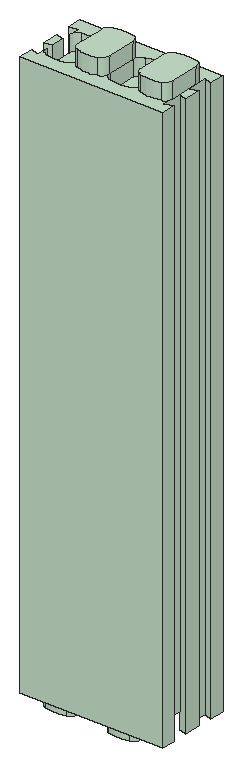
Revit family
Reference planes (in)
  plane 1 "Center (Front/Back)": y = 0
  plane 2: z = 0
  plane 3 "Center (Left/Right)": x = 1
  plane 4: y = 2.375
  plane 5: z = 18
  plane 6: x = 5.5
Forms (in)
  Extrusion 1, solid, material "NUDURA Expanded Polystyrene Foam Insulation"
    sketch origin (0, 0, 0) x (1, 0, 0) y (0, 1, 0)
      loop
        line (1, 0) -> (5.5, 0) -> (5.5, 0.44867) -> (5.25, 0.38168) -> (5.25, 0.98867) -> (5.5, 0.92633) -> (5.5, 1.44867) -> (5.25, 1.38168) -> (5.25, 1.98867) -> (5.5, 1.92633) -> (5.5, 2.375) -> (1, 2.375) -> (1, 1.92633) -> (1.25, 1.99332) -> (1.25, 1.38633) -> (1, 1.44867) -> (1, 0.92633) -> (1.25, 0.99332) -> (1.25, 0.38633) -> (1, 0.44867) -> (1, 0)
    from 0 to 18
  Extrusion 2, void
    sketch origin (0.98437, 0, 0) x (1, 0, 0) y (0, 1, 0)
      loop
        arc (2.98523, 1.98842) -> (2.96388, 1.94159) -> (2.91453, 1.92701) r 0.06202
        arc (2.91453, 1.92701) -> (2.67428, 1.93357) -> (2.4387, 1.88595) r 1.0625
        arc (2.4387, 1.88595) -> (2.31347, 1.79517) -> (2.26563, 1.64808) r 0.25
        line (2.26563, 1.64808) -> (2.26563, 0.72692)
        arc (2.26563, 0.72692) -> (2.31347, 0.57983) -> (2.4387, 0.48905) r 0.25
        arc (2.4387, 0.48905) -> (2.76563, 0.4375) -> (3.09255, 0.48905) r 1.0625
        arc (3.09255, 0.48905) -> (3.21778, 0.57983) -> (3.26563, 0.72692) r 0.25
        line (3.26563, 0.72692) -> (3.26563, 1.64808)
        arc (3.26563, 1.64808) -> (3.25199, 1.72953) -> (3.21256, 1.80209) r 0.25
        arc (3.21256, 1.80209) -> (3.20278, 1.82009) -> (3.19939, 1.84029) r 0.06202
        line (3.19939, 1.84029) -> (3.19939, 2.21033) -> (2.98523, 2.21033) -> (2.98523, 1.98842)
    from 18 to 17.5
  Extrusion 3, void
    sketch origin (-1.01563, 0, 0) x (1, 0, 0) y (0, 1, 0)
      loop
        arc (2.98523, 1.98842) -> (2.96388, 1.94159) -> (2.91453, 1.92701) r 0.06202
        arc (2.91453, 1.92701) -> (2.67428, 1.93357) -> (2.4387, 1.88595) r 1.0625
        arc (2.4387, 1.88595) -> (2.31347, 1.79517) -> (2.26563, 1.64808) r 0.25
        line (2.26563, 1.64808) -> (2.26563, 0.72692)
        arc (2.26563, 0.72692) -> (2.31347, 0.57983) -> (2.4387, 0.48905) r 0.25
        arc (2.4387, 0.48905) -> (2.76563, 0.4375) -> (3.09255, 0.48905) r 1.0625
        arc (3.09255, 0.48905) -> (3.21778, 0.57983) -> (3.26563, 0.72692) r 0.25
        line (3.26563, 0.72692) -> (3.26563, 1.64808)
        arc (3.26563, 1.64808) -> (3.25199, 1.72953) -> (3.21256, 1.80209) r 0.25
        arc (3.21256, 1.80209) -> (3.20278, 1.82009) -> (3.19939, 1.84029) r 0.06202
        line (3.19939, 1.84029) -> (3.19939, 2.21033) -> (2.98523, 2.21033) -> (2.98523, 1.98842)
    from 18 to 17.5
  Extrusion 4, void
    sketch origin (1, 0, 0) x (1, 0, 0) y (0, 1, 0)
      loop
        line (3.53039, 1.98842) -> (3.53039, 2.21033) -> (3.31623, 2.21033) -> (3.31623, 1.84029)
        arc (3.31623, 1.84029) -> (3.31285, 1.82009) -> (3.30307, 1.80209) r 0.06202
        arc (3.30307, 1.80209) -> (3.26364, 1.72953) -> (3.25, 1.64808) r 0.25
        line (3.25, 1.64808) -> (3.25, 0.72692)
        arc (3.25, 0.72692) -> (3.29785, 0.57983) -> (3.42308, 0.48905) r 0.25
        arc (3.42308, 0.48905) -> (3.75, 0.4375) -> (4.07692, 0.48905) r 1.0625
        arc (4.07692, 0.48905) -> (4.20215, 0.57983) -> (4.25, 0.72692) r 0.25
        line (4.25, 0.72692) -> (4.25, 1.64808)
        arc (4.25, 1.64808) -> (4.20215, 1.79517) -> (4.07692, 1.88595) r 0.25
        arc (4.07692, 1.88595) -> (3.84135, 1.93357) -> (3.6011, 1.92701) r 1.0625
        arc (3.6011, 1.92701) -> (3.55174, 1.94159) -> (3.53039, 1.98842) r 0.06202
      loop
        line (1.53039, 1.98842) -> (1.53039, 2.21033) -> (1.31623, 2.21033) -> (1.31623, 1.84029)
        arc (1.31623, 1.84029) -> (1.31285, 1.82009) -> (1.30307, 1.80209) r 0.06202
        arc (1.30307, 1.80209) -> (1.26364, 1.72953) -> (1.25, 1.64808) r 0.25
        line (1.25, 1.64808) -> (1.25, 0.72692)
        arc (1.25, 0.72692) -> (1.29785, 0.57983) -> (1.42308, 0.48905) r 0.25
        arc (1.42308, 0.48905) -> (1.75, 0.4375) -> (2.07692, 0.48905) r 1.0625
        arc (2.07692, 0.48905) -> (2.20215, 0.57983) -> (2.25, 0.72692) r 0.25
        line (2.25, 0.72692) -> (2.25, 1.64808)
        arc (2.25, 1.64808) -> (2.20215, 1.79517) -> (2.07692, 1.88595) r 0.25
        arc (2.07692, 1.88595) -> (1.84135, 1.93357) -> (1.6011, 1.92701) r 1.0625
        arc (1.6011, 1.92701) -> (1.55174, 1.94159) -> (1.53039, 1.98842) r 0.06202
    from 0 to 0.5
Cuts and joins
  Extrusion 2, Extrusion 3, Extrusion 4 cuts Extrusion 1
Lines and regions (in)
  model lines
    curve 1: line (3.25, 0, 18) -> (3.25, 0, 0)
Dimensions and locks (in)
  locked: plane 5 to plane 2 at 18
Nested families (in)
  nested 1: "Capture Lugs" at (3.25, 5.625, 0), type "Capture Lugs"
  nested 2: "Interlock Tooth" at (2.25, 5.625, 0), type "Interlock Tooth"
  nested 3: "Interlock Tooth" at (4.25, 5.625, 0), type "Interlock Tooth"
  nested 4: "Interlock Tooth" at (1.25, 5.625, -18.5), type "Interlock Tooth"
  nested 5: "Interlock Tooth" at (3.25, 5.625, -18.5), type "Interlock Tooth"
Definition of nested family "Capture Lugs"
  Reference planes (in)
    plane 1 "Center (Front/Back)": y = 0
    plane 2: z = 0
    plane 3 "Center (Left/Right)": x = 0
  Forms (in)
    Extrusion 1, solid, material "High Density Polystyrene"
      sketch origin (0, 0, 0) x (0, 1, 0) y (0, 0, 1)
        loop
          arc (-3.25, 0) -> (-3.22112, 0.01975) -> (-3.21, 0.05292) r 0.055
          line (-3.21, 0.05292) -> (-3.21, 17.69292)
          arc (-3.21, 17.69292) -> (-3.22112, 17.72608) -> (-3.25, 17.74583) r 0.055
          line (-3.25, 17.74583) -> (-3.25, 0)
      from 0.36328 to -0.36328
    Extrusion 2, solid, material "High Density Polystyrene"
      sketch origin (0, 0, 0) x (0, 1, 0) y (0, 0, 1)
        loop
          line (-3.21, 16.17792) -> (-3.21, 14.97792) -> (-2.71, 14.97792) -> (-2.71, 16.17792) -> (-3.21, 16.17792)
        loop
          line (-3.21, 14.22792) -> (-3.21, 13.02792) -> (-2.71, 13.02792) -> (-2.71, 14.22792) -> (-3.21, 14.22792)
        loop
          line (-3.21, 12.27792) -> (-3.21, 11.07792) -> (-2.71, 11.07792) -> (-2.71, 12.27792) -> (-3.21, 12.27792)
        loop
          line (-3.21, 10.32792) -> (-3.21, 9.24792) -> (-2.71, 9.24792) -> (-2.71, 10.32792) -> (-3.21, 10.32792)
        loop
          line (-3.21, 8.49792) -> (-3.21, 7.41792) -> (-2.71, 7.41792) -> (-2.71, 8.49792) -> (-3.21, 8.49792)
        loop
          line (-3.21, 6.66792) -> (-3.21, 5.46792) -> (-2.71, 5.46792) -> (-2.71, 6.66792) -> (-3.21, 6.66792)
        loop
          line (-3.21, 4.71792) -> (-3.21, 3.51792) -> (-2.71, 3.51792) -> (-2.71, 4.71792) -> (-3.21, 4.71792)
        loop
          line (-3.21, 2.76792) -> (-3.21, 1.56792) -> (-2.71, 1.56792) -> (-2.71, 2.76792) -> (-3.21, 2.76792)
      from 0.25 to -0.25
    Extrusion 3, void
      sketch origin (0, 0, 0) x (1, 0, 0) y (0, 1, 0)
        loop
          arc (-0.25, -2.79249) -> (-0.22584, -2.73416) -> (-0.1675, -2.71) r 0.0825
          line (-0.1675, -2.71) -> (-0.25, -2.71) -> (-0.25, -2.79249)
      from 0 to 18
    Extrusion 4, void
      sketch origin (0, 0, 0) x (-1, 0, 0) y (0, -1, 0)
        loop
          line (-0.25, 2.79249) -> (-0.25, 2.71) -> (-0.1675, 2.71)
          arc (-0.1675, 2.71) -> (-0.22584, 2.73416) -> (-0.25, 2.79249) r 0.0825
      from 0 to 18
    Extrusion 5, void
      sketch origin (0, 0, 0) x (1, 0, 0) y (0, 1, 0)
        loop
          arc (-0.04687, -2.835) -> (0, -3.07587) -> (0.04688, -2.835) r 0.125
          line (0.04688, -2.835) -> (0.04688, -2.71) -> (-0.04687, -2.71) -> (-0.04687, -2.835)
      from 0 to 18
  Cuts and joins
    Extrusion 3, Extrusion 4 cuts Extrusion 1
    Extrusion 3, Extrusion 4, Extrusion 5 cuts Extrusion 2
Definition of nested family "Interlock Tooth"
  Reference planes (in)
    plane 1 "Center (Front/Back)": y = 0
    plane 2: z = 0
    plane 3 "Center (Left/Right)": x = 0
    plane 4: z = 18
    plane 5: z = 18.5
    plane 6: z = -0.5
  Forms (in)
    Extrusion 1, solid, material "NUDURA Expanded Polystyrene Foam Insulation"
      sketch origin (0, -8.875, 0) x (1, 0, 0) y (0, 1, 0)
        loop
          arc (0, 3.97692) -> (0.04785, 3.82983) -> (0.17308, 3.73905) r 0.25
          arc (0.17308, 3.73905) -> (0.5, 3.6875) -> (0.82692, 3.73905) r 1.0625
          arc (0.82692, 3.73905) -> (0.95215, 3.82983) -> (1, 3.97692) r 0.25
          line (1, 3.97692) -> (1, 4.89808)
          arc (1, 4.89808) -> (0.95215, 5.04517) -> (0.82692, 5.13595) r 0.25
          arc (0.82692, 5.13595) -> (0.5, 5.1875) -> (0.17308, 5.13595) r 1.0625
          arc (0.17308, 5.13595) -> (0.04785, 5.04517) -> (0, 4.89808) r 0.25
          line (0, 4.89808) -> (0, 3.97692)
      from 18 to 18.5
  Dimensions and locks (in)
    locked: plane 4 to level at 18
    locked: plane 4 to plane 5 at 0.5
    locked: plane 6 to level at 0.5
